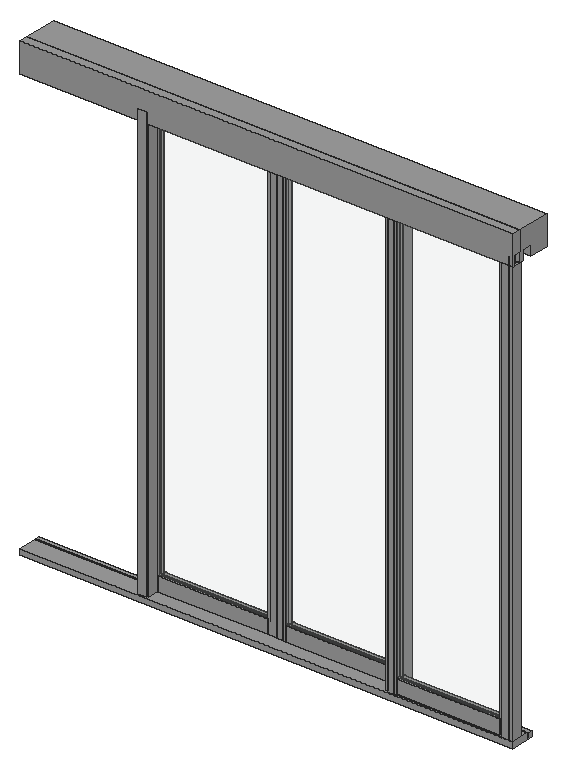
Revit family "agtatec_Record_SldngDrset_THERMCORD-D-STA_WallBased", category Doors, host Wall, Revit 2015 (continued)
Definition of nested family "THERMCORD D-STA"
  Definition of nested family "Outer Panel Right"
    Dimensions and locks
      aligned and locked: Extrusion 3 to plane 6
      aligned and locked: plane 8 to Extrusion 4
      aligned and locked: Extrusion 4 to plane 9 "Above"
      aligned and locked: Extrusion 4 to plane 10
      aligned and locked: Extrusion 4 to plane 11
      aligned and locked: Extrusion 1 to level
      aligned and locked: Extrusion 2 to level
      aligned and locked: Extrusion 5 to plane 6
      aligned and locked: Extrusion 5 to plane 7
      aligned and locked: Masking region 1 sketch curve to plane 3 "Center (Left/Right)"
      aligned and locked: Masking region 1 sketch curve to plane 4
      aligned and locked: plane 6 to curve 1
      aligned and locked: curve 2 to plane 7
    Automatic sketch dimensions
      Extrusion 1 sketch curve to plane 3 "Center (Left/Right)" = 0.00 mm
      Extrusion 1 sketch curve to plane 7 = 0.00 mm  (x2)
      plane 1 "Center (Front/Back)" to Extrusion 1 sketch curve = 0.00 mm
      Extrusion 1 sketch curve to plane 11 = 2.00 mm
      Extrusion 1 sketch curve to Extrusion 1 sketch curve = 2.00 mm  (x2)
      Extrusion 1 sketch curve to Extrusion 1 sketch curve = 34.00 mm
      Extrusion 2 sketch curve to plane 4 = 0.00 mm
      Extrusion 2 sketch curve to plane 6 = 0.00 mm  (x2)
      plane 1 "Center (Front/Back)" to Extrusion 2 sketch curve = 0.00 mm
      plane 10 to Extrusion 2 sketch curve = 2.00 mm
      Extrusion 2 sketch curve to Extrusion 2 sketch curve = 2.00 mm  (x2)
      Extrusion 2 sketch curve to Extrusion 2 sketch curve = 34.00 mm
      Extrusion 3 sketch curve to plane 1 "Center (Front/Back)" = 0.00 mm
      Extrusion 3 sketch curve to plane 5 = 0.00 mm
      Extrusion 3 sketch curve to plane 1 "Center (Front/Back)" = 2.50 mm
      plane 8 to Extrusion 3 sketch curve = 3.00 mm
      Extrusion 3 sketch curve to Extrusion 3 sketch curve = 33.00 mm
      Extrusion 3 sketch curve to Extrusion 3 sketch curve = 2.50 mm
      Extrusion 3 sketch curve to plane 8 = 13.00 mm  (x2)
      Extrusion 4 sketch curve to plane 11 = 0.00 mm
      Extrusion 4 sketch curve to plane 10 = 0.00 mm
      Extrusion 4 sketch curve to plane 1 "Center (Front/Back)" = 4.00 mm
      Extrusion 4 sketch curve to Extrusion 4 sketch curve = 30.00 mm
      Extrusion 5 sketch curve to plane 1 "Center (Front/Back)" = 0.00 mm
      Extrusion 5 sketch curve to level = 0.00 mm
      Extrusion 5 sketch curve to plane 1 "Center (Front/Back)" = 2.25 mm
      Extrusion 5 sketch curve to plane 1 "Center (Front/Back)" = 2.50 mm
      level to Extrusion 5 sketch curve = 5.00 mm
      Extrusion 5 sketch curve to Extrusion 5 sketch curve = 33.00 mm  (x2)
      plane 9 "Above" to Extrusion 5 sketch curve = 11.00 mm  (x2)
      Extrusion 5 sketch curve to Extrusion 5 sketch curve = 2.50 mm
      Extrusion 5 sketch curve to Extrusion 5 sketch curve = 5.00 mm
      Extrusion 5 sketch curve to plane 9 "Above" = 5.00 mm
      plane 1 "Center (Front/Back)" to Masking region 1 sketch curve = 0.00 mm
      Masking region 1 sketch curve to Masking region 1 sketch curve = 38.00 mm
      Masking region 1 sketch curve to plane 12 = 0.00 mm  (x2)
      Masking region 1 sketch curve to plane 13 = 0.00 mm
      plane 1 "Center (Front/Back)" to curve 2 = 0.00 mm
      plane 1 "Center (Front/Back)" to curve 1 = 0.00 mm
      curve 4 to curve 1 = 4.00 mm
      curve 3 to curve 4 = 30.00 mm
      curve 1 to curve 3 = 4.00 mm
      curve 2 to curve 3 = 4.00 mm
Types (9, lengths in mm): name | WithSidePanels | TotalWidth | TotalHeight | SideVoidRight | SideVoidLeft | RightPanel | Width | Rough Height | NominalWidth | NominalHeight | LeftPanel | InterlancingProfile1 | Height | DriveUnitHeight | DriveUnit
  (no name) | no | 1900.50 | 2300.00 | 70.00 | 646.00 | no | 1900.50 | 2306.00 | 1900.50 | 2300.00 | yes | no | 2300.00 | 150.00 | agtatec_Record_Sliding Door, Stainless Steel
  THERMCORD D-STA 150mm drive unit height side panel left | no | 1900.50 | 2300.00 | 70.00 | 646.00 | no | 1900.50 | 2306.00 | 1900.50 | 2300.00 | yes | no | 2300.00 | 150.00 | agtatec_Record_Sliding Door, Stainless Steel
  THERMCORD D-STA 150mm drive unit height side panel right | no | 1900.50 | 2300.00 | 646.00 | 70.00 | yes | 1900.50 | 2306.00 | 1900.50 | 2300.00 | no | no | 2300.00 | 150.00 | agtatec_Record_Sliding Door, Sheet Metal (Painted Steel)
  THERMCORD D-STA 150mm drive unit height with two side panels | yes | 2492.00 | 2300.00 | 646.00 | 646.00 | yes | 2492.00 | 2306.00 | 2492.00 | 2300.00 | yes | yes | 2300.00 | 150.00 | agtatec_Record_Sliding Door, Sheet Metal (Painted Steel)
  THERMCORD D-STA 150mm drive unit height without side panels | no | 1309.00 | 2300.00 | 70.00 | 70.00 | no | 1309.00 | 2306.00 | 1309.00 | 2300.00 | no | no | 2300.00 | 150.00 | agtatec_Record_Sliding Door, Sheet Metal (Painted Steel)
  THERMCORD D-STA 200mm drive unit height side panel left | no | 1900.50 | 2350.00 | 70.00 | 646.00 | no | 1900.50 | 2356.00 | 1900.50 | 2350.00 | yes | no | 2350.00 | 200.00 | agtatec_Record_Sliding Door, Sheet Metal (Painted Steel)
  THERMCORD D-STA 200mm drive unit height side panel right | no | 1900.50 | 2350.00 | 646.00 | 70.00 | yes | 1900.50 | 2356.00 | 1900.50 | 2350.00 | no | no | 2350.00 | 200.00 | agtatec_Record_Sliding Door, Sheet Metal (Painted Steel)
  THERMCORD D-STA 200mm drive unit height with two side panels | yes | 2492.00 | 2350.00 | 646.00 | 646.00 | yes | 2492.00 | 2356.00 | 2492.00 | 2350.00 | yes | yes | 2350.00 | 200.00 | agtatec_Record_Sliding Door, Sheet Metal (Painted Steel)
  THERMCORD D-STA 200mm drive unit height without side panels | no | 1309.00 | 2350.00 | 70.00 | 70.00 | no | 1309.00 | 2356.00 | 1309.00 | 2350.00 | no | no | 2350.00 | 200.00 | agtatec_Record_Sliding Door, Sheet Metal (Painted Steel)
